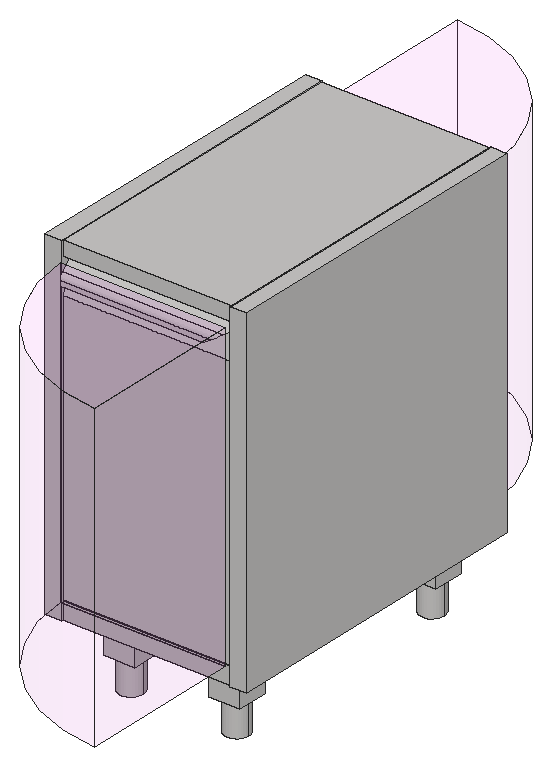
Revit family "QF_ELECTROLUXPROFESSIONAL_121932_TEG4DA", category Attrezzature speciali, Revit 2020
Family settings
  Quota connettore circolare = Usa diametro
  Tipo di parte = Normale
  Basato su piano di lavoro = No
  Sempre verticale = Sì
  Taglio con vuoti quando caricato = No
  Condiviso = No
  Punto di calcolo locali = No
Parameters (values of type "Standard")
  Weight = 47.00 kg
  Watts = 0 W
  Volts = 0 V
  URL Manufacturer = "https://www.electroluxprofessional.com/"
  URL = "https://www.electroluxprofessional.com/"
  Steam Supply Size = 0 mm
  Steam Supply Minimum Pressure = 0.0 Pa
  Steam Supply Maximum Pressure = 0.0 Pa
  Steam Consumption per Hour = 0
  Refrigeration Suction Line Size = 0.0 mm
  Refrigeration Liquid Line Size = 0.0 mm
  Refrigerant Compressor Remote = yes
  Prospetto di default = 0.0 mm
  Phase = 0
  Modello = "TEG4DA"
  Produttore = "Electrolux Professional"
  Length Actual = 400.0 mm  # constant formula
  Item Number = "121932"
  Hot Water Size = 0 mm
  Height Actual = 860.0 mm  # constant formula
  HP = "0 HP"
  Gas Size = 0 mm
  Gas KW = 0
  Gas Input Pressure = 0 W
  Direct Waste Size = 0 mm
  Descrizione = "AMBIENT PASST.1+1DOOR+GN1/1 RUNNERS400MM"
  Depth Actual = 680.0 mm  # constant formula
  Cycle = 0 Hz
  Condensate Return Size = 0 mm
  Compressed Air Volume = 0.0 L/s
  Compressed Air Size = 0 mm
  Compressed Air Pressure = 0.0 Pa
  Cold Water Size = 0 mm
  Accessory = yes
Reference planes
  plane 1 "Center (Front/Back)": y = 0
  plane 2: z = 0
  plane 3 "Center (Left/Right)": x = -300
  plane 4 "LEFT": x = -510
  plane 5 "RIGHT": x = -90
  plane 6 "BACK": y = 340
  plane 7 "FRONT": y = -340
  plane 8 "Base": z = 860
  plane 9 "TOP": z = 900
  plane 10: x = -410
  plane 11: x = -190
  plane 12: y = 270
  plane 13: y = -240
  plane 14 "FEET": z = 150
  plane 15: x = -476
  plane 16: x = -124
  plane 17: y = -337
  plane 18: y = 297
  plane 19: y = -690
  plane 20: y = 337
Forms (mm)
  Extrusion 1, solid, material "QF_Finishes_Stainless Steel"
    sketch origin (0, 0, 150) x (-1, 0, 0) y (0, -1, 0)
      loop
        line (510, -340) -> (510, 340) -> (476, 340) -> (476, -340) -> (510, -340)
      loop
        line (124, -340) -> (124, 340) -> (90, 340) -> (90, -340) -> (124, -340)
    from 0 to 710
  Extrusion 2, solid, material "QF_Finishes_Stainless Steel"
    sketch origin (0, 0, 150) x (-1, 0, 0) y (0, -1, 0)
      loop
        line (476, -337) -> (476, 337) -> (124, 337) -> (124, -337) -> (476, -337)
    from 0 to 35
  Extrusion 3, solid, material "QF_Finishes_Stainless Steel"
    sketch origin (0, 0, 0) x (1, 0, 0) y (0, 1, 0)
      loop
        line (-476, 297) -> (-476, -297) -> (-124, -297) -> (-124, 297) -> (-476, 297)
    from 490 to 520
  Extrusion 4, solid, material "QF_Finishes_Stainless Steel"
    sketch origin (0, 0, 0) x (1, 0, 0) y (0, 1, 0)
      loop
        line (-476, -337) -> (-124, -337) -> (-124, 337) -> (-476, 337) -> (-476, -337)
    from 830 to 860
Lines and regions (mm)
  symbolic lines, style "SpecialityEquipmentHiddenLines"
    curve 1: line (-90, -340, 900) -> (-90, 340, 900)
    curve 2: line (-510, -344.5, 150) -> (-510, 340, 150)
    curve 3: line (-510, -340, 150) -> (-476, -340, 150)
    curve 4: line (-476, -340, 150) -> (-476, -337, 150)
    curve 5: line (-476, -337, 150) -> (-124, -337, 150)
    curve 6: line (-124, -337, 150) -> (-124, -340, 150)
    curve 7: line (-124, -340, 150) -> (-90, -340, 150)
    curve 8: line (-510, 340, 150) -> (-476, 340, 150)
    curve 9: line (-476, 340, 150) -> (-476, 337, 150)
    curve 10: line (-476, 337, 150) -> (-124, 337, 150)
    curve 11: line (-124, 337, 150) -> (-124, 340, 150)
    curve 12: line (-124, 340, 150) -> (-90, 340, 150)
Dimensions and locks
  plane 4 "LEFT" to plane 5 "RIGHT" = 420.0 mm
  equal spacing: plane 4 "LEFT", plane 3 "Center (Left/Right)", plane 5 "RIGHT"
  plane 6 "BACK" to plane 7 "FRONT" = 680.0 mm
  equal spacing: plane 6 "BACK", plane 1 "Center (Front/Back)", plane 7 "FRONT"
  locked: plane 14 "FEET" to level at 150
  locked: plane 4 "LEFT" to plane 10 at 100
  locked: plane 11 to plane 5 "RIGHT" at 100
  locked: plane 4 "LEFT" to plane 15 at 34
  locked: plane 16 to plane 5 "RIGHT" at 34
  plane 17 to plane 7 "FRONT" = 3.0 mm
  plane 6 "BACK" to plane 18 = 43.0 mm
  locked: plane 6 "BACK" to plane 12 at 70
  locked: plane 13 to plane 7 "FRONT" at 100
  locked: plane 8 "Base" to level at 860
  locked: plane 9 "TOP" to level at 900
  plane 6 "BACK" to plane 19 = 1030.0 mm
  plane 6 "BACK" to plane 20 = 3.0 mm
  aligned and locked: level to plane 2
  aligned and locked: plane 10 to nested 1
  aligned and locked: plane 11 to nested 2
  aligned and locked: plane 11 to nested 4
  aligned and locked: nested 4 to plane 12
  aligned and locked: plane 10 to nested 3
  aligned and locked: nested 3 to plane 12
  aligned and locked: plane 8 "Base" to Extrusion 1
  aligned and locked: plane 6 "BACK" to Extrusion 1 sketch curve
  aligned and locked: Extrusion 1 sketch curve to plane 6 "BACK"
  aligned and locked: plane 7 "FRONT" to Extrusion 1 sketch curve
  aligned and locked: Extrusion 1 sketch curve to plane 7 "FRONT"
  aligned and locked: plane 15 to Extrusion 1
  aligned and locked: Extrusion 1 to plane 16
  aligned and locked: Extrusion 2 to plane 15
  aligned and locked: plane 16 to Extrusion 2
  aligned and locked: plane 16 to Extrusion 3
  aligned and locked: Extrusion 3 to plane 15
  aligned and locked: plane 8 "Base" to Extrusion 4
  aligned and locked: Extrusion 2 to plane 17
  aligned and locked: Extrusion 3 to plane 18
  aligned and locked: Extrusion 4 to plane 17
  aligned and locked: nested 1 to plane 13
  aligned and locked: nested 2 to plane 13
  aligned and locked: Extrusion 2 to plane 20
  aligned and locked: Extrusion 4 to plane 20
Automatic sketch dimensions
  curve 1 to plane 5 "RIGHT" = 0.0 mm
  curve 1 to plane 7 "FRONT" = 0.0 mm
  curve 1 to plane 6 "BACK" = 0.0 mm
  Extrusion 1 sketch curve to plane 5 "RIGHT" = 0.0 mm
  Extrusion 1 sketch curve to plane 16 = 0.0 mm
  Extrusion 1 sketch curve to plane 15 = 0.0 mm
  Extrusion 1 sketch curve to plane 4 "LEFT" = 0.0 mm
  Extrusion 2 sketch curve to plane 16 = 0.0 mm
  Extrusion 2 sketch curve to plane 15 = 0.0 mm
  plane 20 to Extrusion 2 sketch curve = 0.0 mm
  Extrusion 2 sketch curve to plane 17 = 0.0 mm
  curve 7 to plane 5 "RIGHT" = 0.0 mm
  curve 12 to plane 5 "RIGHT" = 0.0 mm
  curve 12 to plane 6 "BACK" = 0.0 mm
  curve 12 to plane 16 = 0.0 mm
  curve 7 to plane 7 "FRONT" = 0.0 mm
  curve 7 to plane 16 = 0.0 mm
  curve 5 to plane 15 = 0.0 mm
  curve 8 to plane 6 "BACK" = 0.0 mm
  curve 8 to plane 15 = 0.0 mm
  curve 2 to plane 4 "LEFT" = 0.0 mm
  plane 20 to curve 9 = 0.0 mm
  curve 4 to plane 17 = 0.0 mm
  curve 4 to plane 7 "FRONT" = 0.0 mm
  curve 3 to curve 2 = 4.5 mm
  Extrusion 3 sketch curve to plane 15 = 0.0 mm
  Extrusion 3 sketch curve to plane 16 = 0.0 mm
  plane 18 to Extrusion 3 sketch curve = 0.0 mm
  plane 17 to Extrusion 3 sketch curve = 40.0 mm
  Extrusion 4 sketch curve to plane 15 = 0.0 mm
  Extrusion 4 sketch curve to plane 16 = 0.0 mm
  Extrusion 4 sketch curve to plane 17 = 0.0 mm
  plane 20 to Extrusion 4 sketch curve = 0.0 mm
Nested families
  nested 1: "FEET_L65-150" at (-410, -240, 0), type "FEET_L65-150"
  nested 2: "FEET_L65-150" at (-190, -240, 0), type "FEET_L65-150"
  nested 3: "FEET_L65-150" at (-410, 270, 0), type "FEET_L65-150"
  nested 4: "FEET_L65-150" at (-190, 270, 0), type "FEET_L65-150"
  nested 5: "H637_420_1DOOR" at (-336.042, -297, 150) x (1, 0, 0) z (0, -1, 0), type "H637_420_1DOOR"
    with Width 420.0 mm, Show Clearance yes
  nested 6: "H637_420_1DOOR" at (-263.401, 297, 150) x (-1, 0, 0) z (0, 1, 0), type "H637_420_1DOOR"
    with Width 420.0 mm, Show Clearance yes
Definition of nested family "FEET_L65-150"
  Parameters
    Default Elevation = 0.0 mm
    FEET = 150.0 mm
  Reference planes
    plane 1 "Center (Front/Back)": y = 0
    plane 2: z = 0
    plane 3 "Center (Left/Right)": x = 0
    plane 4: z = 150
  Forms (mm)
    Extrusion 1, solid
      sketch origin (0, 0, 0) x (1, 0, 0) y (0, 1, 0)
        loop
          circle (0, 0) r 25
      from 0 to 67
    Extrusion 2, solid
      sketch origin (0, 0, 0) x (1, 0, 0) y (0, 1, 0)
        loop
          line (32.561, 32.5) -> (-32.439, 32.5) -> (-32.439, -32.5) -> (32.561, -32.5) -> (32.561, 32.5)
      from 67 to 150 <- "FEET"
  Lines and regions (mm)
    symbolic lines
      curve 1: line (0, -1.503, 0) -> (0, 1.508, 0)
      curve 2: line (1.561, 0, 0) -> (-1.439, 0, 0)
  Dimensions and locks
    "FEET": plane 4 to plane 2
    aligned and locked: level to plane 2
  Automatic sketch dimensions
    plane 1 "Center (Front/Back)" to Extrusion 1 sketch curve = 0.0 mm
    Extrusion 1 sketch curve to plane 3 "Center (Left/Right)" = 0.0 mm
    plane 1 "Center (Front/Back)" to curve 2 = 0.0 mm
    curve 1 to plane 3 "Center (Left/Right)" = 0.0 mm
    curve 2 to plane 3 "Center (Left/Right)" = 1.439 mm
    plane 3 "Center (Left/Right)" to curve 2 = 1.561 mm
    plane 1 "Center (Front/Back)" to curve 1 = 1.503 mm
    curve 1 to plane 1 "Center (Front/Back)" = 1.508 mm
    Extrusion 2 sketch curve to plane 1 "Center (Front/Back)" = 32.5 mm
    Extrusion 2 sketch curve to plane 3 "Center (Left/Right)" = 32.439 mm
    plane 3 "Center (Left/Right)" to Extrusion 2 sketch curve = 32.561 mm
    plane 1 "Center (Front/Back)" to Extrusion 2 sketch curve = 32.5 mm
    radius of Extrusion 1 sketch curve = 25.0 mm
Definition of nested family "H637_420_1DOOR"
  Parameters
    Width [instance] = 420.0 mm
    Show Clearance [instance] = yes
    Model = "727995"
    Height = 710.0 mm
    Default Elevation = 0.0 mm
  Reference planes
    plane 1 "Center (Front/Back)": y = 0
    plane 2: z = 0
    plane 3 "Center (Left/Right)": x = 36.042
    plane 4 "panel": z = 25
    plane 5 "Left": x = -173.958
    plane 6 "Right": x = 246.042
    plane 7: y = 710
    plane 8: z = 45
    plane 9: x = 209.042
    plane 10: x = -136.958
    plane 11: y = 672
    plane 12: y = 38
    plane 13: z = 393
  Forms (mm)
    Extrusion 1, solid
      sketch origin (0, -919.2, 0) x (1, 0, 0) y (0, 1, 0)
        loop
          line (-980.5, 2119.2) -> (-980.5, -162.846) -> (881.94, -162.846) -> (881.94, 2119.2) -> (-980.5, 2119.2)
      from 0 to -59.546
    Extrusion 2, solid
      sketch origin (36.042, -219.693, 0) x (0, 1, 0) y (0, 0, 1)
        loop
          line (848.63, 49.734) -> (848.63, 47.734) -> (858.98, 47.734)
          arc (858.98, 47.734) -> (865.586, 46.42) -> (871.186, 42.679) r 17.261
          line (871.186, 42.679) -> (888.019, 25.845) -> (891.693, 25) -> (872.6, 44.093)
          arc (872.6, 44.093) -> (866.351, 48.268) -> (858.98, 49.734) r 19.261
          line (858.98, 49.734) -> (848.63, 49.734)
      from -173 to 173
    Extrusion 3, void
      sketch origin (0, -219.693, 25) x (1, 0, 0) y (0, 1, 0)
        loop
          line (214.066, 839.859) -> (214.066, 882.225) -> (209.042, 882.225)
          arc (209.042, 882.225) -> (208.688, 880.688) -> (207.873, 879.339) r 5
          line (207.873, 879.339) -> (165.197, 850.51)
          arc (165.197, 850.51) -> (162.266, 849.11) -> (159.054, 848.63) r 10.974
          line (159.054, 848.63) -> (-132.198, 848.63)
          arc (-132.198, 848.63) -> (-135.564, 850.024) -> (-136.958, 853.39) r 4.76
          line (-136.958, 853.39) -> (-136.958, 839.859) -> (214.066, 839.859)
      from 0 to 27.674
    Extrusion 4, solid
      sketch origin (36.042, -190, 0) x (0, 1, 0) y (0, 0, 1)
        loop
          line (228, 40) -> (228, 0) -> (862, 0) -> (862, 25) -> (796.797, 40) -> (228, 40)
      from 173 to -173
    Extrusion 5, solid
      sketch origin (0, 0, 0) x (1, 0, 0) y (0, 0, 1)
        loop
          arc (209.042, 393) -> (-28.329, 286.427) -> (-136.401, 49.734) r 369.078
          line (-136.401, 49.734) -> (209.042, 49.734) -> (209.042, 393)
      from -672 to -38
  Cuts and joins
    Extrusion 3 cuts Extrusion 2
  Lines and regions (mm)
    symbolic lines
      curve 1: arc (209.042, 0, 393) -> (-28.329, 0, 286.427) -> (-136.401, 0, 49.734) r 369.078
      curve 2: line (209.042, 0, 40) -> (209.042, 0, 393)
      curve 3: line (177.735, 0, 49.734) -> (-136.958, 0, 49.734)
      curve 4: spline (197.459, 0, 44.389) -> (195.921, 0, 45.265) -> (194.356, 0, 46.066) -> (192.765, 0, 46.791) -> (191.151, 0, 47.437) -> (189.517, 0, 48.005) -> (187.865, 0, 48.493) -> (186.198, 0, 48.9) -> (184.519, 0, 49.226) -> (182.831, 0, 49.471) -> (181.136, 0, 49.633) -> (179.436, 0, 49.712) -> (177.736, 0, 49.71)
      curve 5: line (203.956, 0, 40) -> (197.459, 0, 44.389)
      curve 6: line (-136.958, 0, 49.734) -> (-136.958, 0, 40)
  Dimensions and locks
    plane 4 "panel" to level = 25.0 mm
    "Width": plane 5 "Left" to plane 6 "Right"
    equal spacing: plane 5 "Left", plane 3 "Center (Left/Right)", plane 6 "Right"
    "Height": plane 1 "Center (Front/Back)" to plane 7
    plane 9 to plane 6 "Right" = 37.0 mm
    plane 5 "Left" to plane 10 = 37.0 mm
    plane 7 to plane 11 = 38.0 mm
    plane 1 "Center (Front/Back)" to plane 12 = 38.0 mm
    plane 10 to plane 9 = 346.0 mm
    aligned and locked: plane 2 to Extrusion 1
    aligned and locked: level to Extrusion 1
    aligned and locked: plane 10 to Extrusion 2
    aligned and locked: plane 9 to Extrusion 2
    aligned and locked: plane 10 to Extrusion 4
    aligned and locked: plane 9 to Extrusion 4
  Automatic sketch dimensions
    Extrusion 1 sketch curve to Extrusion 1 sketch curve = 1862.44 mm
    Extrusion 1 sketch curve to Extrusion 1 sketch curve = 2282.046 mm
    Extrusion 3 sketch curve to plane 10 = 0.0 mm
    Extrusion 3 sketch curve to plane 9 = 0.0 mm
    Extrusion 3 sketch curve to Extrusion 3 sketch curve = 4.76 mm
    Extrusion 3 sketch curve to plane 9 = 49.988 mm
    Extrusion 3 sketch curve to Extrusion 3 sketch curve = 6.143 mm
    Extrusion 3 sketch curve to plane 9 = 4.988 mm
    Extrusion 3 sketch curve to plane 9 = 1.169 mm
    Extrusion 3 sketch curve to plane 6 "Right" = 31.976 mm
    Extrusion 3 sketch curve to plane 7 = 89.834 mm
    Extrusion 3 sketch curve to Extrusion 3 sketch curve = 8.771 mm
    Extrusion 3 sketch curve to Extrusion 3 sketch curve = 1.88 mm
    Extrusion 3 sketch curve to Extrusion 3 sketch curve = 39.48 mm
    Extrusion 3 sketch curve to Extrusion 3 sketch curve = 2.886 mm
    Extrusion 4 sketch curve to level = 0.0 mm
    Extrusion 4 sketch curve to plane 12 = 0.0 mm
    Extrusion 4 sketch curve to plane 4 "panel" = 0.0 mm
    Extrusion 4 sketch curve to plane 11 = 0.0 mm
    Extrusion 4 sketch curve to plane 8 = 5.0 mm
    Extrusion 4 sketch curve to plane 11 = 65.203 mm
    Extrusion 2 sketch curve to Extrusion 2 sketch curve = 0.0 mm  (x2)
    Extrusion 2 sketch curve to plane 4 "panel" = 0.0 mm
    Extrusion 2 sketch curve to plane 11 = 0.0 mm
    Extrusion 2 sketch curve to plane 8 = 0.907 mm
    Extrusion 2 sketch curve to plane 11 = 19.093 mm
    Extrusion 2 sketch curve to plane 8 = 2.321 mm
    Extrusion 2 sketch curve to Extrusion 2 sketch curve = 1.414 mm
    plane 4 "panel" to Extrusion 2 sketch curve = 5.474 mm
    Extrusion 2 sketch curve to Extrusion 2 sketch curve = 12.205 mm
    Extrusion 2 sketch curve to Extrusion 2 sketch curve = 10.351 mm
    plane 4 "panel" to Extrusion 2 sketch curve = 0.845 mm
    Extrusion 2 sketch curve to plane 11 = 3.674 mm
    plane 10 to curve 6 = 0.0 mm
    curve 2 to plane 9 = 0.0 mm
    curve 2 to plane 13 = 0.0 mm
    curve 5 to plane 8 = 0.611 mm
    curve 5 to plane 9 = 11.583 mm
    curve 1 to plane 4 "panel" = 0.374 mm
    curve 1 to plane 6 "Right" = 14.22 mm
    plane 8 to curve 3 = 4.734 mm
    curve 3 to curve 4 = 19.723 mm
    curve 3 to curve 4 = 0.0 mm
    curve 4 to curve 4 = 0.908 mm
    curve 5 to plane 9 = 5.086 mm
    curve 4 to level = 1.281 mm
    curve 2 to plane 8 = 5.0 mm
    curve 5 to plane 8 = 5.0 mm
    curve 6 to plane 8 = 5.0 mm
    curve 4 to curve 3 = 0.025 mm
    Extrusion 5 sketch curve to plane 9 = 0.0 mm
    Extrusion 5 sketch curve to plane 13 = 0.0 mm
    Extrusion 5 sketch curve to plane 4 "panel" = 0.374 mm
    Extrusion 5 sketch curve to plane 10 = 0.557 mm
    plane 8 to Extrusion 5 sketch curve = 4.734 mm
